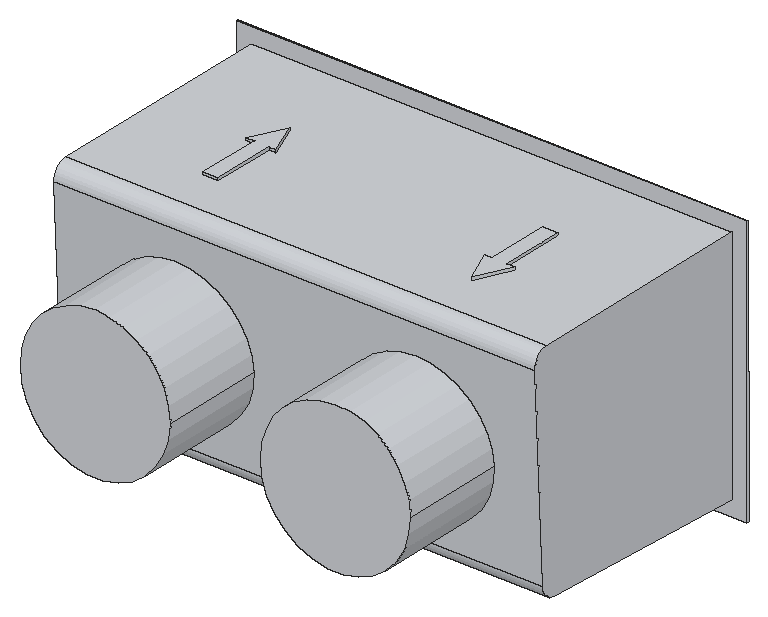
Revit family "DVG-200", category Generic Models, Revit 2019
Family settings
  Can host rebar = No
  Round Connector Dimension = Use Diameter
  Part Type = Normal
  Work Plane-Based = No
  Always vertical = Yes
  Cut with Voids When Loaded = No
  Shared = No
  Room Calculation Point = No
Reference planes (in)
  plane 1 "Center (Front/Back)": y = 0
  plane 2: z = 0
  plane 3 "Center (Left/Right)": x = 0
Forms (in)
  Extrusion 1, solid
    sketch origin (0, 0, 0) x (0, 1, 0) y (0, 0, 1)
      loop
        line (0, 0) -> (0, 8) -> (-7.76688, 8)
        arc (-7.76688, 8) -> (-8.12956, 7.84418) -> (-8.26619, 7.47383) r 0.5
        line (-8.26619, 7.47383) -> (-7.91975, 0.86341)
        arc (-7.91975, 0.86341) -> (-7.77399, 0.53602) -> (-7.44661, 0.39026) r 0.5
        line (-7.44661, 0.39026) -> (0, 0)
    from -8 to 8
  Extrusion 2, solid
    sketch origin (0, 0, 0) x (1, 0, 0) y (0, 0, 1)
      loop
        line (8.5, 8.5) -> (-8.5, 8.5) -> (-8.5, -0.5) -> (8.5, -0.5) -> (8.5, 8.5)
    from 0 to 0.05
  Extrusion 3, solid
    sketch origin (0, 0, 0) x (1, 0, 0) y (0, 0, 1)
      loop
        circle (4, 4) r 2.5
      loop
        circle (-4, 4) r 2.5
    from 0 to 11.54201
  Extrusion 4, void
    sketch origin (0, 0, 0) x (1, 0, 0) y (0, 0, 1)
      loop
        line (-7.63966, 7.66297) -> (-7.63966, 0.41297) -> (-1.25, 0.41297) -> (-1.25, 7.66297) -> (-7.63966, 7.66297)
      loop
        line (1.20621, 0.41297) -> (7.70621, 0.41297) -> (7.70621, 7.66297) -> (1.20621, 7.66297) -> (1.20621, 0.41297)
    from 0 to 1.25
  Extrusion 5, solid
    sketch origin (0, 0, -1) x (0, 1, 0) y (0, 0, 1)
      loop
        line (-1.33215, 7.42053) -> (-1.33215, 7.38043)
        arc (-1.33215, 7.38043) -> (-0.59872, 7.18463) -> (0.01193, 6.73366) r 2.03508
        line (0.01193, 6.73366) -> (0.04024, 6.76197)
        arc (0.04024, 6.76197) -> (-0.58339, 7.22164) -> (-1.33215, 7.42053) r 2.07508
    from -7.63966 to -1.25
  Extrusion 6, solid
    sketch origin (0, 0, -2) x (0, 1, 0) y (0, 0, 1)
      loop
        line (-1.33215, 7.42053) -> (-1.33215, 7.38043)
        arc (-1.33215, 7.38043) -> (-0.59872, 7.18463) -> (0.01193, 6.73366) r 2.03508
        line (0.01193, 6.73366) -> (0.04024, 6.76197)
        arc (0.04024, 6.76197) -> (-0.58339, 7.22164) -> (-1.33215, 7.42053) r 2.07508
    from -7.63966 to -1.25
  Extrusion 7, solid
    sketch origin (0, 0, -3) x (0, 1, 0) y (0, 0, 1)
      loop
        line (-1.33215, 7.42053) -> (-1.33215, 7.38043)
        arc (-1.33215, 7.38043) -> (-0.59872, 7.18463) -> (0.01193, 6.73366) r 2.03508
        line (0.01193, 6.73366) -> (0.04024, 6.76197)
        arc (0.04024, 6.76197) -> (-0.58339, 7.22164) -> (-1.33215, 7.42053) r 2.07508
    from -7.63966 to -1.25
  Extrusion 8, solid
    sketch origin (0, 0, -4) x (0, 1, 0) y (0, 0, 1)
      loop
        line (-1.33215, 7.42053) -> (-1.33215, 7.38043)
        arc (-1.33215, 7.38043) -> (-0.59872, 7.18463) -> (0.01193, 6.73366) r 2.03508
        line (0.01193, 6.73366) -> (0.04024, 6.76197)
        arc (0.04024, 6.76197) -> (-0.58339, 7.22164) -> (-1.33215, 7.42053) r 2.07508
    from -7.63966 to -1.25
  Extrusion 9, solid
    sketch origin (0, 0, 0) x (0, 1, 0) y (0, 0, 1)
      loop
        line (-1.33215, 7.42053) -> (-1.33215, 7.38043)
        arc (-1.33215, 7.38043) -> (-0.59872, 7.18463) -> (0.01193, 6.73366) r 2.03508
        line (0.01193, 6.73366) -> (0.04024, 6.76197)
        arc (0.04024, 6.76197) -> (-0.58339, 7.22164) -> (-1.33215, 7.42053) r 2.07508
    from -7.63966 to -1.25
  Extrusion 10, solid
    sketch origin (0, 0, -5) x (0, 1, 0) y (0, 0, 1)
      loop
        line (-1.33215, 7.42053) -> (-1.33215, 7.38043)
        arc (-1.33215, 7.38043) -> (-0.59872, 7.18463) -> (0.01193, 6.73366) r 2.03508
        line (0.01193, 6.73366) -> (0.04024, 6.76197)
        arc (0.04024, 6.76197) -> (-0.58339, 7.22164) -> (-1.33215, 7.42053) r 2.07508
    from -7.63966 to -1.25
  Extrusion 11, solid
    sketch origin (0, 0, -6) x (0, 1, 0) y (0, 0, 1)
      loop
        line (-1.33215, 7.42053) -> (-1.33215, 7.38043)
        arc (-1.33215, 7.38043) -> (-0.59872, 7.18463) -> (0.01193, 6.73366) r 2.03508
        line (0.01193, 6.73366) -> (0.04024, 6.76197)
        arc (0.04024, 6.76197) -> (-0.58339, 7.22164) -> (-1.33215, 7.42053) r 2.07508
    from -7.63966 to -1.25
  Extrusion 12, solid
    sketch origin (0, 0, -1) x (0, 1, 0) y (0, 0, 1)
      loop
        line (-1.33215, 7.42053) -> (-1.33215, 7.38043)
        arc (-1.33215, 7.38043) -> (-0.59872, 7.18463) -> (0.01193, 6.73366) r 2.03508
        line (0.01193, 6.73366) -> (0.04024, 6.76197)
        arc (0.04024, 6.76197) -> (-0.58339, 7.22164) -> (-1.33215, 7.42053) r 2.07508
    from -7.63966 to -1.25
  Extrusion 13, solid
    sketch origin (0, 0, -2) x (0, 1, 0) y (0, 0, 1)
      loop
        line (-1.33215, 7.42053) -> (-1.33215, 7.38043)
        arc (-1.33215, 7.38043) -> (-0.59872, 7.18463) -> (0.01193, 6.73366) r 2.03508
        line (0.01193, 6.73366) -> (0.04024, 6.76197)
        arc (0.04024, 6.76197) -> (-0.58339, 7.22164) -> (-1.33215, 7.42053) r 2.07508
    from -7.63966 to -1.25
  Extrusion 14, solid
    sketch origin (0, 0, -3) x (0, 1, 0) y (0, 0, 1)
      loop
        line (-1.33215, 7.42053) -> (-1.33215, 7.38043)
        arc (-1.33215, 7.38043) -> (-0.59872, 7.18463) -> (0.01193, 6.73366) r 2.03508
        line (0.01193, 6.73366) -> (0.04024, 6.76197)
        arc (0.04024, 6.76197) -> (-0.58339, 7.22164) -> (-1.33215, 7.42053) r 2.07508
    from -7.63966 to -1.25
  Extrusion 15, solid
    sketch origin (0, 0, -4) x (0, 1, 0) y (0, 0, 1)
      loop
        line (-1.33215, 7.42053) -> (-1.33215, 7.38043)
        arc (-1.33215, 7.38043) -> (-0.59872, 7.18463) -> (0.01193, 6.73366) r 2.03508
        line (0.01193, 6.73366) -> (0.04024, 6.76197)
        arc (0.04024, 6.76197) -> (-0.58339, 7.22164) -> (-1.33215, 7.42053) r 2.07508
    from -7.63966 to -1.25
  Extrusion 16, solid
    sketch origin (0, 0, 0) x (0, 1, 0) y (0, 0, 1)
      loop
        line (-1.33215, 7.42053) -> (-1.33215, 7.38043)
        arc (-1.33215, 7.38043) -> (-0.59872, 7.18463) -> (0.01193, 6.73366) r 2.03508
        line (0.01193, 6.73366) -> (0.04024, 6.76197)
        arc (0.04024, 6.76197) -> (-0.58339, 7.22164) -> (-1.33215, 7.42053) r 2.07508
    from -7.63966 to -1.25
  Extrusion 17, solid
    sketch origin (0, 0, -5) x (0, 1, 0) y (0, 0, 1)
      loop
        line (-1.33215, 7.42053) -> (-1.33215, 7.38043)
        arc (-1.33215, 7.38043) -> (-0.59872, 7.18463) -> (0.01193, 6.73366) r 2.03508
        line (0.01193, 6.73366) -> (0.04024, 6.76197)
        arc (0.04024, 6.76197) -> (-0.58339, 7.22164) -> (-1.33215, 7.42053) r 2.07508
    from -7.63966 to -1.25
  Extrusion 18, solid
    sketch origin (0, 0, -6) x (0, 1, 0) y (0, 0, 1)
      loop
        line (-1.33215, 7.42053) -> (-1.33215, 7.38043)
        arc (-1.33215, 7.38043) -> (-0.59872, 7.18463) -> (0.01193, 6.73366) r 2.03508
        line (0.01193, 6.73366) -> (0.04024, 6.76197)
        arc (0.04024, 6.76197) -> (-0.58339, 7.22164) -> (-1.33215, 7.42053) r 2.07508
    from -7.63966 to -1.25
  Extrusion 19, solid
    sketch origin (0, 0, -1) x (0, 1, 0) y (0, 0, -1)
      loop
        arc (-1.33215, -7.42053) -> (-0.58339, -7.22164) -> (0.04024, -6.76197) r 2.07508
        line (0.04024, -6.76197) -> (0.01193, -6.73366)
        arc (0.01193, -6.73366) -> (-0.59872, -7.18463) -> (-1.33215, -7.38043) r 2.03508
        line (-1.33215, -7.38043) -> (-1.33215, -7.42053)
    from -7.63966 to -1.25
  Extrusion 20, solid
    sketch origin (0, 0, -2) x (0, 1, 0) y (0, 0, -1)
      loop
        arc (-1.33215, -7.42053) -> (-0.58339, -7.22164) -> (0.04024, -6.76197) r 2.07508
        line (0.04024, -6.76197) -> (0.01193, -6.73366)
        arc (0.01193, -6.73366) -> (-0.59872, -7.18463) -> (-1.33215, -7.38043) r 2.03508
        line (-1.33215, -7.38043) -> (-1.33215, -7.42053)
    from -7.63966 to -1.25
  Extrusion 21, solid
    sketch origin (0, 0, -3) x (0, 1, 0) y (0, 0, -1)
      loop
        arc (-1.33215, -7.42053) -> (-0.58339, -7.22164) -> (0.04024, -6.76197) r 2.07508
        line (0.04024, -6.76197) -> (0.01193, -6.73366)
        arc (0.01193, -6.73366) -> (-0.59872, -7.18463) -> (-1.33215, -7.38043) r 2.03508
        line (-1.33215, -7.38043) -> (-1.33215, -7.42053)
    from -7.63966 to -1.25
  Extrusion 22, solid
    sketch origin (0, 0, -4) x (0, 1, 0) y (0, 0, -1)
      loop
        arc (-1.33215, -7.42053) -> (-0.58339, -7.22164) -> (0.04024, -6.76197) r 2.07508
        line (0.04024, -6.76197) -> (0.01193, -6.73366)
        arc (0.01193, -6.73366) -> (-0.59872, -7.18463) -> (-1.33215, -7.38043) r 2.03508
        line (-1.33215, -7.38043) -> (-1.33215, -7.42053)
    from -7.63966 to -1.25
  Extrusion 23, solid
    sketch origin (0, 0, 0) x (0, 1, 0) y (0, 0, -1)
      loop
        arc (-1.33215, -7.42053) -> (-0.58339, -7.22164) -> (0.04024, -6.76197) r 2.07508
        line (0.04024, -6.76197) -> (0.01193, -6.73366)
        arc (0.01193, -6.73366) -> (-0.59872, -7.18463) -> (-1.33215, -7.38043) r 2.03508
        line (-1.33215, -7.38043) -> (-1.33215, -7.42053)
    from -7.63966 to -1.25
  Extrusion 24, solid
    sketch origin (0, 0, -5) x (0, 1, 0) y (0, 0, -1)
      loop
        arc (-1.33215, -7.42053) -> (-0.58339, -7.22164) -> (0.04024, -6.76197) r 2.07508
        line (0.04024, -6.76197) -> (0.01193, -6.73366)
        arc (0.01193, -6.73366) -> (-0.59872, -7.18463) -> (-1.33215, -7.38043) r 2.03508
        line (-1.33215, -7.38043) -> (-1.33215, -7.42053)
    from -7.63966 to -1.25
  Extrusion 25, solid
    sketch origin (0, 0, -6) x (0, 1, 0) y (0, 0, -1)
      loop
        arc (-1.33215, -7.42053) -> (-0.58339, -7.22164) -> (0.04024, -6.76197) r 2.07508
        line (0.04024, -6.76197) -> (0.01193, -6.73366)
        arc (0.01193, -6.73366) -> (-0.59872, -7.18463) -> (-1.33215, -7.38043) r 2.03508
        line (-1.33215, -7.38043) -> (-1.33215, -7.42053)
    from -7.63966 to -1.25
  Extrusion 26, solid
    sketch origin (0, 0, -1) x (0, 1, 0) y (0, 0, -1)
      loop
        arc (-1.33215, -7.42053) -> (-0.58339, -7.22164) -> (0.04024, -6.76197) r 2.07508
        line (0.04024, -6.76197) -> (0.01193, -6.73366)
        arc (0.01193, -6.73366) -> (-0.59872, -7.18463) -> (-1.33215, -7.38043) r 2.03508
        line (-1.33215, -7.38043) -> (-1.33215, -7.42053)
    from -7.63966 to -1.25
  Extrusion 27, solid
    sketch origin (0, 0, -2) x (0, 1, 0) y (0, 0, -1)
      loop
        arc (-1.33215, -7.42053) -> (-0.58339, -7.22164) -> (0.04024, -6.76197) r 2.07508
        line (0.04024, -6.76197) -> (0.01193, -6.73366)
        arc (0.01193, -6.73366) -> (-0.59872, -7.18463) -> (-1.33215, -7.38043) r 2.03508
        line (-1.33215, -7.38043) -> (-1.33215, -7.42053)
    from -7.63966 to -1.25
  Extrusion 28, solid
    sketch origin (0, 0, -3) x (0, 1, 0) y (0, 0, -1)
      loop
        arc (-1.33215, -7.42053) -> (-0.58339, -7.22164) -> (0.04024, -6.76197) r 2.07508
        line (0.04024, -6.76197) -> (0.01193, -6.73366)
        arc (0.01193, -6.73366) -> (-0.59872, -7.18463) -> (-1.33215, -7.38043) r 2.03508
        line (-1.33215, -7.38043) -> (-1.33215, -7.42053)
    from -7.63966 to -1.25
  Extrusion 29, solid
    sketch origin (0, 0, -4) x (0, 1, 0) y (0, 0, -1)
      loop
        arc (-1.33215, -7.42053) -> (-0.58339, -7.22164) -> (0.04024, -6.76197) r 2.07508
        line (0.04024, -6.76197) -> (0.01193, -6.73366)
        arc (0.01193, -6.73366) -> (-0.59872, -7.18463) -> (-1.33215, -7.38043) r 2.03508
        line (-1.33215, -7.38043) -> (-1.33215, -7.42053)
    from -7.63966 to -1.25
  Extrusion 30, solid
    sketch origin (0, 0, 0) x (0, 1, 0) y (0, 0, -1)
      loop
        arc (-1.33215, -7.42053) -> (-0.58339, -7.22164) -> (0.04024, -6.76197) r 2.07508
        line (0.04024, -6.76197) -> (0.01193, -6.73366)
        arc (0.01193, -6.73366) -> (-0.59872, -7.18463) -> (-1.33215, -7.38043) r 2.03508
        line (-1.33215, -7.38043) -> (-1.33215, -7.42053)
    from -7.63966 to -1.25
  Extrusion 31, solid
    sketch origin (0, 0, -5) x (0, 1, 0) y (0, 0, -1)
      loop
        arc (-1.33215, -7.42053) -> (-0.58339, -7.22164) -> (0.04024, -6.76197) r 2.07508
        line (0.04024, -6.76197) -> (0.01193, -6.73366)
        arc (0.01193, -6.73366) -> (-0.59872, -7.18463) -> (-1.33215, -7.38043) r 2.03508
        line (-1.33215, -7.38043) -> (-1.33215, -7.42053)
    from -7.63966 to -1.25
  Extrusion 32, solid
    sketch origin (0, 0, -6) x (0, 1, 0) y (0, 0, -1)
      loop
        arc (-1.33215, -7.42053) -> (-0.58339, -7.22164) -> (0.04024, -6.76197) r 2.07508
        line (0.04024, -6.76197) -> (0.01193, -6.73366)
        arc (0.01193, -6.73366) -> (-0.59872, -7.18463) -> (-1.33215, -7.38043) r 2.03508
        line (-1.33215, -7.38043) -> (-1.33215, -7.42053)
    from -7.63966 to -1.25
  Extrusion 33, solid
    sketch origin (-8.91313, -9.17907, 0) x (-0.999848, 0.017432, 0) y (-0.017432, -0.999848, 0)
      loop
        line (-4.69483, -3.00676) -> (-4.69483, -5.11712) -> (-4.91656, -5.11712) -> (-4.44483, -6.25) -> (-3.91656, -5.11712) -> (-4.19483, -5.11712) -> (-4.19483, -3.00676) -> (-4.69483, -3.00676)
    from 7.66297 to 8.08018
  Extrusion 34, solid
    sketch origin (8.75, 0, 0) x (1, 0, 0) y (0, 1, 0)
      loop
        line (-4.69483, -3.00676) -> (-4.69483, -5.11712) -> (-4.91656, -5.11712) -> (-4.44483, -6.25) -> (-3.91656, -5.11712) -> (-4.19483, -5.11712) -> (-4.19483, -3.00676) -> (-4.69483, -3.00676)
    from 7.66297 to 8.08018
Cuts and joins
  Extrusion 4 cuts Extrusion 1
  Extrusion 4 cuts Extrusion 2
  Extrusion 4 cuts Extrusion 3
  joined: Extrusion 1, Extrusion 2, Extrusion 3
Lines and regions (in)
  model lines
    curve 1: line (-7.63966, 0, 7.66297) -> (-1.63966, 0, 7.66297)
    curve 2: line (-7.63966, 0, 0.41297) -> (-7.63966, 0, 7.66297)
    curve 3: line (-1.63966, 0, 0.41297) -> (-7.63966, 0, 0.41297)
    curve 4: line (1.20621, 0, 0.41297) -> (7.70621, 0, 0.41297)
    curve 5: line (1.20621, 0, 7.66297) -> (1.20621, 0, 0.41297)
    curve 6: line (7.70621, 0, 7.66297) -> (1.20621, 0, 7.66297)
    curve 7: line (7.70621, 0, 0.41297) -> (7.70621, 0, 7.66297)
    curve 8: line (-7.63966, 0, 7.66297) -> (-1.63966, 0, 7.66297)
    curve 9: line (-7.63966, 0, 0.41297) -> (-7.63966, 0, 7.66297)
    curve 10: line (-1.63966, 0, 0.41297) -> (-7.63966, 0, 0.41297)
    curve 11: line (7.63966, 0, 7.66297) -> (1.63966, 0, 7.66297)
    curve 12: line (7.63966, 0, 0.41297) -> (7.63966, 0, 7.66297)
    curve 13: line (1.63966, 0, 0.41297) -> (7.63966, 0, 0.41297)
    curve 14: line (7.63966, 0, 7.66297) -> (1.63966, 0, 7.66297)
    curve 15: line (7.63966, 0, 0.41297) -> (7.63966, 0, 7.66297)
    curve 16: line (1.63966, 0, 0.41297) -> (7.63966, 0, 0.41297)
    curve 17: line (-4.44483, -6.25, 0) -> (-3.91656, -5.11712, 0)
    curve 18: line (-3.91656, -5.11712, 0) -> (-4.19483, -5.11712, 0)
    curve 19: line (-4.91656, -5.11712, 0) -> (-4.44483, -6.25, 0)
    curve 20: line (-4.69483, -5.11712, 0) -> (-4.69483, -3.00676, 0)
    curve 21: line (-4.69483, -3.00676, 0) -> (-4.19483, -3.00676, 0)
    curve 22: line (-4.19483, -3.00676, 0) -> (-4.19483, -5.11712, 0)
    curve 23: line (-4.69483, -5.11712, 0) -> (-4.91656, -5.11712, 0)
Dimensions and locks (in)
  cut or joined group of Extrusion 1, Extrusion 2, Extrusion 3, Extrusion 4 to cut or joined group of Extrusion 1, Extrusion 2, Extrusion 3, Extrusion 4 = 8.84587"
  Extrusion 1 sketch curve to Extrusion 1 sketch curve = 8.26619"
  aligned and locked: level to plane 2
Connectors (in)
  hvac at (4, -11.54201, 4)
    settings: on cut or joined group of Extrusion 1, Extrusion 2, Extrusion 3, Extrusion 4, index 1, duct flow 0.0 L/s, flow factor 0, pres drop 0.0 Pa, loss coef 0, conn angle 0.00°, conn width 304.8 mm, conn height 304.8 mm, conn diameter 127 mm, duct sys type 3, conn prof type 0, flow config 0, flow direction 2, loss method 0, conn ref index -1, conn util no, is conn primary yes, conn desc ""
  hvac at (-4, -11.54201, 4)
    settings: on cut or joined group of Extrusion 1, Extrusion 2, Extrusion 3, Extrusion 4, index 2, duct flow 0.0 L/s, flow factor 0, pres drop 0.0 Pa, loss coef 0, conn angle 0.00°, conn width 304.8 mm, conn height 304.8 mm, conn diameter 127 mm, duct sys type 3, conn prof type 0, flow config 0, flow direction 1, loss method 0, conn ref index -1, conn util no, is conn primary no, conn desc ""
